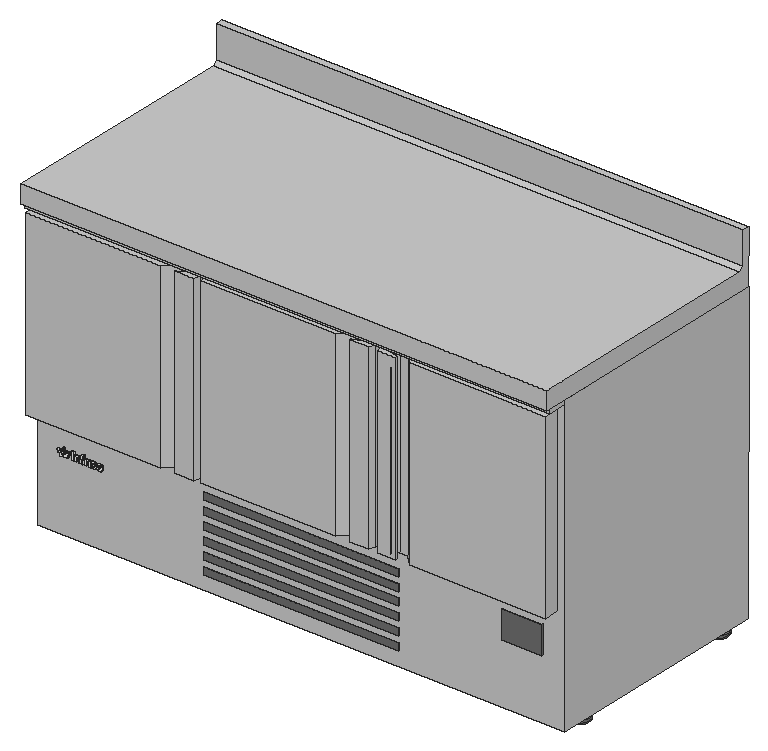
Revit family "QF_INFRICO_ME1003II_250813085203", category Specialty Equipment, Revit 2021
Family settings
  Round Connector Dimension = Use Diameter
  Part Type = Normal
  OmniClass Number = 23.40.40.14
  OmniClass Title = Food Service Equipment
  Work Plane-Based = No
  Always vertical = Yes
  Cut with Voids When Loaded = No
  Shared = No
  Room Calculation Point = No
Parameters (values of type "ME1003II-R290")
  Weight [instance] = 148.00 kg
  Waste Water Discharge Temperature [instance] = 0 °C
  Waste Remarks [instance] = ""
  Warranty Start Date [instance] = ""
  Warranty Duration [instance] = ""
  Volts [instance] = 230 V
  Volt Free Conn [instance] = no
  URL Recommended Spares List [instance] = ""
  URL Manufacturer [instance] = ""
  URL Cutsheet [instance] = ""
  URL Critical Spares List [instance] = ""
  URL = "www.infrico.com"
  Technical Documentation [instance] = ""
  Tag Number [instance] = ""
  Status [instance] = ""
  Start Up Current [instance] = 0 A
  Specification by User [instance] = ""
  Specification by Manufacturer [instance] = ""
  Sound Level [instance] = ""
  Show Logo [instance] = yes
  Show Clearances [instance] = yes
  Service Life Duration [instance] = ""
  Serial Number [instance] = ""
  Seismic Rating [instance] = ""
  SMACNA No [instance] = ""
  Revision Code [instance] = ""
  Revision [instance] = ""
  Production Year [instance] = ""
  Potential Equalisation [instance] = no
  Point Load [instance] = 0
  Plumbing Connection Type [instance] = ""
  Phase [instance] = 1
  Other Equipment Approvals [instance] = ""
  Operational Current [instance] = 0 A
  Number of Poles [instance] = 2
  No Load Power Draw [instance] = no
  NAFEM Spec ID Number [instance] = ""
  Model Warning [instance] = ""
  Model = "ME1003II"
  Min Ckt Ampacity [instance] = 0 A
  Max Overcurrent Protection [instance] = 0 A
  Masterspec [instance] = ""
  Manufacturer = "INFRICO"
  Main switch integrated [instance] = no
  Length Actual [instance] = 1460 mm
  Item Number [instance] = ""
  Installed By [instance] = ""
  Installation Date [instance] = ""
  Indirect Waste Size [instance] = 19.05 mm
  Indirect Waste Remarks [instance] = ""
  Indirect Waste Flow [instance] = 0.0 L/s
  Indirect Waste Connection Type [instance] = ""
  Indirect Waste Connection Height [instance] = 0 mm
  Identify Quantity as Lot [instance] = no
  ID [instance] = ""
  Hygiene Approval [instance] = ""
  Height Actual [instance] = 885 mm
  HP power [instance] = ""
  Furnished By [instance] = ""
  Foodservice Equipment Identifier [instance] = no
  FL Amps [instance] = 0 A
  Electrical Remarks [instance] = ""
  Electric power [instance] = 420 W
  Electric Connection Type [instance] = ""
  Elec Conn RI Height [instance] = 0 mm
  Elec Conn Connection Height [instance] = 0 mm
  ETL Approved [instance] = no
  Direct Waste Water Discharge Temperature [instance] = -273.15 °C
  Direct Waste Size [instance] = 19.05 mm
  Direct Waste RI Height [instance] = 0 mm
  Direct Waste Flow [instance] = 0.0 L/s
  Direct Waste Connection Height [instance] = 0 mm
  Description = "GN1/1 SALAD PREP REFRIGERATOR TABLE 700 SERIES - R290"
  Depth Actual [instance] = 700 mm
  Default Elevation = 0 mm
  Cycle [instance] = 50 Hz
  Cost = 0
  Connection to energy optimisation system [instance] = yes
  Conn Plug [instance] = ""
  Conn Conduit [instance] = no
  Centralized building control system with digital interface [instance] = ""
  CSI MasterFormat [instance] = ""
  CE Approved [instance] = no
  Barcode [instance] = 0
  Author [instance] = ""
  Asset Identifier [instance] = ""
  Apparent Power [instance] = 420 VA
  Accessory [instance] = no
Reference planes
  plane 1 "Center (Front/Back)": y = 0
  plane 2: z = 0
  plane 3 "Center (Left/Right)": x = 0
Forms (mm)
  Extrusion 1, solid, not visible
    sketch origin (487.024, -150.007, 304.015) x (1, 0, 0) y (0, 1, 0)
      loop
        line (-2, 2) -> (-2, -2) -> (2, -2) -> (2, 2) -> (-2, 2)
    from -2 to 2
  Extrusion 2, solid, not visible
    sketch origin (45.002, -152.007, 286.014) x (1, 0, 0) y (0, 1, 0)
      loop
        line (-2, 2) -> (-2, -2) -> (2, -2) -> (2, 2) -> (-2, 2)
    from -2 to 2
Dimensions and locks
  locked: nested 2 to Extrusion 1 at 2  (x2)
  locked: Extrusion 2 to nested 3
  locked: nested 3 to Extrusion 2 at 2
  aligned and locked: level to plane 2
Nested families
  nested 1: "QF_INFRICO_ME1003II_2920" at (0, 0, 0), type "ME1003II-R290"
    with Weight 148.00 kg, Warranty Start Date "", Warranty Duration "", URL Cutsheet "", Technical Documentation "", Tag Number "", Status "", Specification by User "", Specification by Manufacturer "", Sound Level "", Solid Fuel Type "", Show Logo yes, Show Clearances yes, Show Clearance yes, Service Life Duration "", Serial Number "", Seismic Rating "", SMACNA No "", Revision Code "", Revision "", Production Year "", Point Load 0, Other Equipment Approvals "", NAFEM Spec ID Number "", Model Warning "", Masterspec "", Length Actual 1460 mm, Item Number "", Installed By "", Installation Date "", Identify Quantity as Lot yes, ID "", Hygiene Approval "", Height Actual 885 mm, Furnished By "", Foodservice Equipment Identifier yes, ETL Approved yes, Depth Actual 700 mm, CSI MasterFormat "", CE Approved no, Barcode "", Author "", Asset Identifier "", Accessory no
  nested 2: "CONN_POINT_DRAIN_2D___Generic_Annotation" at (487.024, -150.007, 302.015), type "CONN_POINT_DRAIN_2D___Generic_Annotation"
    with Onboard connection annotation symbol visibility yes
  nested 3: "CONN_POINT_ELE_2D___Generic_Annotation" at (45.002, -150.007, 286.014), type "CONN_POINT_ELE_2D___Generic_Annotation"
    with Onboard connection annotation symbol visibility yes
  nested 4: "QF_INFRICO_ME_DOOR_SX_4505" at (10, -638, 324), type "ME_DOOR_SX"
    with Weight 0.00 kg, Warranty Start Date "", Warranty Duration "", URL Cutsheet "", Technical Documentation "", Tag Number "", Status "", Specification by User "", Specification by Manufacturer "", Sound Level "", Solid Fuel Type "", Show Logo yes, Show Clearances yes, Show Clearance yes, Service Life Duration "", Serial Number "", Seismic Rating "", SMACNA No "", Revision Code "", Revision "", Production Year "", Point Load 0, Other Equipment Approvals "", NAFEM Spec ID Number "", Model Warning "", Masterspec "", Length Actual 472 mm, Item Number "", Installed By "", Installation Date "", Identify Quantity as Lot yes, ID "", Hygiene Approval "", Height Actual 502 mm, Furnished By "", Foodservice Equipment Identifier yes, ETL Approved yes, Depth Actual 57 mm, CSI MasterFormat "", CE Approved no, Barcode "", Author "", Asset Identifier "", Accessory yes
  nested 5: "QF_INFRICO_ME_DOOR_SX_5283" at (496, -638, 324), type "ME_DOOR_SX"
    with Weight 0.00 kg, Warranty Start Date "", Warranty Duration "", URL Cutsheet "", Technical Documentation "", Tag Number "", Status "", Specification by User "", Specification by Manufacturer "", Sound Level "", Solid Fuel Type "", Show Logo yes, Show Clearances yes, Show Clearance yes, Service Life Duration "", Serial Number "", Seismic Rating "", SMACNA No "", Revision Code "", Revision "", Production Year "", Point Load 0, Other Equipment Approvals "", NAFEM Spec ID Number "", Model Warning "", Masterspec "", Length Actual 472 mm, Item Number "", Installed By "", Installation Date "", Identify Quantity as Lot yes, ID "", Hygiene Approval "", Height Actual 502 mm, Furnished By "", Foodservice Equipment Identifier yes, ETL Approved yes, Depth Actual 57 mm, CSI MasterFormat "", CE Approved no, Barcode "", Author "", Asset Identifier "", Accessory yes
  nested 6: "QF_INFRICO_ME_DOOR_DX_6057" at (982, -638, 324), type "ME_DOOR_DX"
    with Weight 0.00 kg, Warranty Start Date "", Warranty Duration "", URL Cutsheet "", Technical Documentation "", Tag Number "", Status "", Specification by User "", Specification by Manufacturer "", Sound Level "", Solid Fuel Type "", Show Logo yes, Show Clearances yes, Show Clearance yes, Service Life Duration "", Serial Number "", Seismic Rating "", SMACNA No "", Revision Code "", Revision "", Production Year "", Point Load 0, Other Equipment Approvals "", NAFEM Spec ID Number "", Model Warning "", Masterspec "", Length Actual 472 mm, Item Number "", Installed By "", Installation Date "", Identify Quantity as Lot yes, ID "", Hygiene Approval "", Height Actual 502 mm, Furnished By "", Foodservice Equipment Identifier yes, ETL Approved yes, Depth Actual 57 mm, CSI MasterFormat "", CE Approved no, Barcode "", Author "", Asset Identifier "", Accessory yes
  nested 7: "QF_INFRICO_WORKTOP_BACKSPLASH_6831" at (0, 0, 845), type "ENC12CPME14"
    with Weight 0.00 kg, Warranty Start Date "", Warranty Duration "", URL Cutsheet "", Technical Documentation "", Tag Number "", Status "", Specification by User "", Specification by Manufacturer "", Sound Level "", Solid Fuel Type "", Show Logo yes, Show Clearances yes, Show Clearance yes, Service Life Duration "", Serial Number "", Seismic Rating "", SMACNA No "", Revision Code "", Revision "", Production Year "", Point Load 0, Other Equipment Approvals "", NAFEM Spec ID Number "", Model Warning "", Masterspec "", Length Actual 1460 mm, Item Number "", Installed By "", Installation Date "", Identify Quantity as Lot yes, ID "", Hygiene Approval "", Height Actual 50 mm, Furnished By "", Foodservice Equipment Identifier yes, ETL Approved yes, Depth Actual 700 mm, CSI MasterFormat "", CE Approved no, Barcode "", Author "", Asset Identifier "", Accessory yes
Connectors
  piping at (487.024, -150.007, 302.015), diameter 19.05, driven by "Indirect Waste Size", driven by "Direct Waste Flow"
    settings: on Extrusion 1, index 1, connector inside diameter 609.6 mm, connector length 0 mm, flow factor 0, pipe flow 0.0 L/s, pressure drop 0.0 Pa, fitting loss kfactor 0, connector angle 0.00°, fixture units 0, engagement length 0 mm, angle of deflection 0.00°, flow configuration 1, flow direction 2, fitting loss method 0, system type 16, joint type 0, gender type 0, connector reference index -1, connector utility 0, adjustable connector no, is connector primary yes, connector description "Waste connection for ME1003II"
  electrical at (45.002, -150.007, 286.014), driven by "Apparent Power", driven by "Number of Poles", driven by "Volts"
    settings: on Extrusion 2, index 2, voltage 230 V, apparent load 0 VA, apparent load phase1 420 VA, apparent load phase2 0 VA, apparent load phase3 0 VA, power factor 1, load classification "Other", number of poles 2, system type 31, power factor state 1, is connector primary yes, connector utility no, sub classification motor no, connector description "Electrical connection for ME1003II"
Definition of nested family "QF_INFRICO_ME1003II_2920"
  Parameters (values of type "ME1003II-R290")
    Weight [instance] = 0.00 kg
    Warranty Start Date [instance] = ""
    Warranty Duration [instance] = ""
    URL Cutsheet [instance] = ""
    URL = "www.infrico.com"
    Technical Documentation [instance] = ""
    Tag Number [instance] = ""
    Status [instance] = ""
    Specification by User [instance] = ""
    Specification by Manufacturer [instance] = ""
    Sound Level [instance] = ""
    Solid Fuel Type [instance] = ""
    Show Logo [instance] = yes
    Show Clearances [instance] = yes
    Show Clearance [instance] = yes
    Service Life Duration [instance] = ""
    Serial Number [instance] = ""
    Seismic Rating [instance] = ""
    SMACNA No [instance] = ""
    Revision Code [instance] = ""
    Revision [instance] = ""
    Production Year [instance] = ""
    Point Load [instance] = 0
    Other Equipment Approvals [instance] = ""
    NAFEM Spec ID Number [instance] = ""
    Model Warning [instance] = ""
    Model = "ME1003II"
    Masterspec [instance] = ""
    Manufacturer = "INFRICO"
    Length Actual [instance] = 0 mm
    Item Number [instance] = ""
    Installed By [instance] = ""
    Installation Date [instance] = ""
    Identify Quantity as Lot [instance] = yes
    ID [instance] = ""
    Hygiene Approval [instance] = ""
    Height Actual [instance] = 0 mm
    Furnished By [instance] = ""
    Foodservice Equipment Identifier [instance] = yes
    ETL Approved [instance] = yes
    Description = "GN1/1 SALAD PREP REFRIGERATOR TABLE 700 SERIES - R290"
    Depth Actual [instance] = 0 mm
    Default Elevation = 0 mm
    CSI MasterFormat [instance] = ""
    CE Approved [instance] = yes
    Barcode [instance] = ""
    Author [instance] = ""
    Asset Identifier [instance] = ""
    Assembly Code = "E1090320"
    Accessory [instance] = yes
  Types (2, lengths in mm): name | Description
    ME1003II | "GN1/1 SALAD PREP REFRIGERATOR TABLE 700 SERIES - R134A"
    ME1003II-R290 | "GN1/1 SALAD PREP REFRIGERATOR TABLE 700 SERIES - R290"
  Reference planes
    plane 1 "Back": y = 0
    plane 2: z = 0
    plane 3 "Left": x = 0
    plane 4 "Right": x = 1460
    plane 5 "Front": y = -700
    plane 6 "Top": z = 845.01
  Forms (mm)
    Revolve 1, solid
      sketch origin (29, 0.51, 0) x (0, 1, 0) y (0, 0, 1)
        loop
          line (-65.51, 20.01) -> (-65.51, 0) -> (-45.51, 0)
          arc (-45.51, 0) -> (-41.974, 1.464) -> (-40.51, 5) r 5
          line (-40.51, 5) -> (-40.51, 10) -> (-50.51, 10) -> (-50.51, 15) -> (-60.51, 15) -> (-60.51, 20.01) -> (-65.51, 20.01)
        axis (-65.51, 20.01) -> (-65.51, 0)
      angle from 0 to 360
    Revolve 2, solid
      sketch origin (29, -479.49, 0) x (0, 1, 0) y (0, 0, 1)
        loop
          line (-65.51, 20.01) -> (-65.51, 0) -> (-45.51, 0)
          arc (-45.51, 0) -> (-41.974, 1.464) -> (-40.51, 5) r 5
          line (-40.51, 5) -> (-40.51, 10) -> (-50.51, 10) -> (-50.51, 15) -> (-60.51, 15) -> (-60.51, 20.01) -> (-65.51, 20.01)
        axis (-65.51, 20.01) -> (-65.51, 0)
      angle from 0 to 360
    Revolve 3, solid
      sketch origin (1431, 0.51, 0) x (0, 1, 0) y (0, 0, 1)
        loop
          line (-65.51, 20.01) -> (-65.51, 0) -> (-45.51, 0)
          arc (-45.51, 0) -> (-41.974, 1.464) -> (-40.51, 5) r 5
          line (-40.51, 5) -> (-40.51, 10) -> (-50.51, 10) -> (-50.51, 15) -> (-60.51, 15) -> (-60.51, 20.01) -> (-65.51, 20.01)
        axis (-65.51, 20.01) -> (-65.51, 0)
      angle from 0 to 360
    Revolve 4, solid
      sketch origin (1431, -479.49, 0) x (0, 1, 0) y (0, 0, 1)
        loop
          line (-65.51, 20.01) -> (-65.51, 0) -> (-45.51, 0)
          arc (-45.51, 0) -> (-41.974, 1.464) -> (-40.51, 5) r 5
          line (-40.51, 5) -> (-40.51, 10) -> (-50.51, 10) -> (-50.51, 15) -> (-60.51, 15) -> (-60.51, 20.01) -> (-65.51, 20.01)
        axis (-65.51, 20.01) -> (-65.51, 0)
      angle from 0 to 360
    Extrusion 5, solid
      sketch origin (-1759, -636.1, 1) x (1, 0, 0) y (0, 0, 1)
        loop
          line (2220, 263.01) -> (2220, 243.01) -> (2760, 243.01) -> (2760, 263.01) -> (2220, 263.01)
      from 0 to 2
    Extrusion 6, solid
      sketch origin (-1759, -636.1, -36) x (1, 0, 0) y (0, 0, 1)
        loop
          line (2220, 263.01) -> (2220, 243.01) -> (2760, 243.01) -> (2760, 263.01) -> (2220, 263.01)
      from 0 to 2
    Extrusion 7, solid
      sketch origin (-1759, -636.1, -73) x (1, 0, 0) y (0, 0, 1)
        loop
          line (2220, 263.01) -> (2220, 243.01) -> (2760, 243.01) -> (2760, 263.01) -> (2220, 263.01)
      from 0 to 2
    Extrusion 8, solid
      sketch origin (-1759, -636.1, -110) x (1, 0, 0) y (0, 0, 1)
        loop
          line (2220, 263.01) -> (2220, 243.01) -> (2760, 243.01) -> (2760, 263.01) -> (2220, 263.01)
      from 0 to 2
    Extrusion 9, solid
      sketch origin (-1759, -636.1, -147) x (1, 0, 0) y (0, 0, 1)
        loop
          line (2220, 263.01) -> (2220, 243.01) -> (2760, 243.01) -> (2760, 263.01) -> (2220, 263.01)
      from 0 to 2
    Extrusion 10, solid
      sketch origin (-1759, -636.1, -184) x (1, 0, 0) y (0, 0, 1)
        loop
          line (2220, 263.01) -> (2220, 243.01) -> (2760, 243.01) -> (2760, 263.01) -> (2220, 263.01)
      from 0 to 2
    Extrusion 11, solid
      sketch origin (-1518, -638, 1) x (1, 0, 0) y (0, 0, 1)
        loop
          line (2917.81, 187.81) -> (2917.81, 264.21) -> (2806.21, 264.21) -> (2806.21, 187.81) -> (2917.81, 187.81)
      from 0 to 2
    Extrusion 12, solid
      sketch origin (-2000, -1999.98, 1.1) x (0, 1, 0) y (0, 0, 1)
        loop
          line (1312.96, 842.41) -> (1312.96, 829.41) -> (1361.98, 829.41) -> (1361.98, 842.41) -> (1312.96, 842.41)
      from 2002 to 3458
    Extrusion 13, solid
      sketch origin (0, -140, 0) x (1, 0, 0) y (0, 0, 1)
        loop
          circle (45, 286) r 12.7
      from 0 to 10
    Extrusion 14, solid
      sketch origin (0, -140, 0) x (1, 0, 0) y (0, 0, 1)
        loop
          circle (487, 302) r 9.525
      from 0 to 10
    Extrusion 15, solid
      sketch origin (0, 0, 1) x (0, 1, 0) y (0, 0, 1)
        loop
          line (-638, 19.01) -> (0, 19.01) -> (0, 844.01) -> (-638, 844.01) -> (-638, 19.01)
      from 0 to 30
    Extrusion 16, solid
      sketch origin (1460, 0, 1) x (0, 1, 0) y (0, 0, -1)
        loop
          line (-638, -19.01) -> (-638, -844.01) -> (0, -844.01) -> (0, -19.01) -> (-638, -19.01)
      from 0 to 30
    Extrusion 17, solid
      sketch origin (0, 0, 1) x (0, 1, 0) y (0, 0, 1)
        loop
          line (0, 844.01) -> (-30, 844.01) -> (-30, 349.01) -> (-180, 349.01) -> (-180, 49.01) -> (-608, 49.01) -> (-608, 19.01) -> (0, 19.01) -> (0, 49.01) -> (-150, 49.01) -> (-150, 319) -> (0, 319) -> (0, 844.01)
      from 30 to 1430
    Extrusion 18, solid
      sketch origin (0, 0, 1) x (0, 1, 0) y (0, 0, 1)
        loop
          line (-638, 844.01) -> (-638, 19.01) -> (-608, 19.01) -> (-608, 844.01) -> (-638, 844.01)
      from 30 to 1430
    Extrusion 19, void
      sketch origin (0, 0, -10) x (1, 0, 0) y (0, 0, 1)
        loop
          line (65, 390) -> (1395, 390) -> (1395, 790) -> (65, 790) -> (65, 390)
      from 608 to 638.1
    Extrusion 20, solid
      sketch origin (0, 0, -10) x (1, 0, 0) y (0, 0, 1)
        loop
          line (544, 390) -> (544, 790) -> (434, 790) -> (434, 390) -> (544, 390)
      from 628 to 638
    Extrusion 21, solid, visible <- "Show Logo"
      sketch origin (-1108.19, -638, -480.543) x (1, 0, 0) y (0, 0, 1)
        loop
          line (1208.799, 696.53) -> (1208.799, 719.204) -> (1204.173, 719.204) -> (1204.173, 696.53) -> (1208.799, 696.53)
        loop
          line (1214.779, 713.006) -> (1211.283, 713.006) -> (1211.283, 696.53) -> (1215.772, 696.53) -> (1215.772, 707.832)
          arc (1215.772, 707.832) -> (1217.528, 708.741) -> (1219.417, 709.324) r 11.052
          arc (1219.417, 709.324) -> (1220.929, 708.961) -> (1221.598, 707.557) r 1.806
          line (1221.598, 707.557) -> (1221.598, 696.53) -> (1226.121, 696.53) -> (1226.121, 708.689)
          arc (1226.121, 708.689) -> (1224.637, 712.075) -> (1221.141, 713.281) r 4.607
          arc (1221.141, 713.281) -> (1218.282, 712.674) -> (1215.669, 711.361) r 11.435
          line (1215.669, 711.361) -> (1215.601, 712.184)
          arc (1215.601, 712.184) -> (1215.36, 712.765) -> (1214.779, 713.006) r 0.822
        loop
          line (1238.557, 720.102) -> (1237.306, 720.102)
          arc (1237.306, 720.102) -> (1235.052, 719.926) -> (1232.881, 719.297) r 11.103
          arc (1232.881, 719.297) -> (1230.805, 717.616) -> (1230.024, 715.062) r 4.567
          line (1230.024, 715.062) -> (1230.024, 712.909) -> (1227.351, 712.703) -> (1227.351, 709.374) -> (1230.024, 709.374) -> (1230.024, 696.53) -> (1234.547, 696.53) -> (1234.547, 709.374) -> (1238.249, 709.374) -> (1238.249, 712.938) -> (1234.547, 712.938) -> (1234.547, 714.548)
          arc (1234.547, 714.548) -> (1234.956, 715.705) -> (1236.045, 716.271) r 1.67
          line (1236.045, 716.271) -> (1237.7, 716.399)
          arc (1237.7, 716.399) -> (1238.306, 716.65) -> (1238.557, 717.255) r 0.857
          line (1238.557, 717.255) -> (1238.557, 720.102)
        loop
          line (1239.479, 713.006) -> (1239.479, 696.53) -> (1243.968, 696.53) -> (1243.968, 707.352)
          arc (1243.968, 707.352) -> (1245.873, 708.631) -> (1248.077, 709.268) r 7.435
          line (1248.077, 709.268) -> (1249.241, 709.416)
          arc (1249.241, 709.416) -> (1249.643, 709.758) -> (1249.793, 710.265) r 0.928
          line (1249.793, 710.265) -> (1249.793, 712.458)
          arc (1249.793, 712.458) -> (1249.531, 713.061) -> (1248.912, 713.28) r 0.824
          arc (1248.912, 713.28) -> (1246.197, 712.588) -> (1243.899, 710.984) r 7.833
          line (1243.899, 710.984) -> (1243.726, 713.006) -> (1239.479, 713.006)
        loop
          line (1255.495, 696.53) -> (1255.495, 713.006) -> (1251.006, 713.006) -> (1251.006, 696.53) -> (1255.495, 696.53)
        loop
          arc (1257.421, 701.327) -> (1258.567, 698.188) -> (1261.466, 696.525) r 4.873
          arc (1261.466, 696.525) -> (1264.493, 696.266) -> (1267.521, 696.525) r 17.816
          arc (1267.521, 696.525) -> (1270.575, 699.134) -> (1271.505, 703.041) r 6.481
          line (1271.505, 703.041) -> (1267.187, 703.041) -> (1267.187, 701.67)
          arc (1267.187, 701.67) -> (1266.64, 700.452) -> (1265.442, 699.865) r 1.965
          arc (1265.442, 699.865) -> (1264.547, 699.816) -> (1263.653, 699.865) r 8.196
          arc (1263.653, 699.865) -> (1262.417, 700.415) -> (1261.91, 701.67) r 1.806
          line (1261.91, 701.67) -> (1261.91, 707.9)
          arc (1261.91, 707.9) -> (1262.417, 709.155) -> (1263.653, 709.705) r 1.806
          arc (1263.653, 709.705) -> (1264.547, 709.754) -> (1265.442, 709.705) r 8.196
          arc (1265.442, 709.705) -> (1266.64, 709.118) -> (1267.187, 707.9) r 1.965
          line (1267.187, 707.9) -> (1267.187, 706.838) -> (1271.505, 706.838)
          arc (1271.505, 706.838) -> (1270.524, 710.556) -> (1267.521, 712.959) r 6.132
          arc (1267.521, 712.959) -> (1264.493, 713.294) -> (1261.466, 712.959) r 13.851
          arc (1261.466, 712.959) -> (1258.571, 711.349) -> (1257.421, 708.243) r 4.772
          line (1257.421, 708.243) -> (1257.421, 701.327)
        loop
          arc (1272.916, 701.329) -> (1273.993, 698.345) -> (1276.726, 696.734) r 4.676
          arc (1276.726, 696.734) -> (1278.515, 696.455) -> (1280.318, 696.291) r 28.371
          arc (1280.318, 696.291) -> (1282.122, 696.455) -> (1283.911, 696.734) r 28.371
          arc (1283.911, 696.734) -> (1286.644, 698.345) -> (1287.72, 701.329) r 4.676
          line (1287.72, 701.329) -> (1287.72, 708.242)
          arc (1287.72, 708.242) -> (1286.644, 711.226) -> (1283.911, 712.837) r 4.676
          arc (1283.911, 712.837) -> (1282.122, 713.116) -> (1280.318, 713.28) r 28.371
          arc (1280.318, 713.28) -> (1278.515, 713.116) -> (1276.726, 712.837) r 28.371
          arc (1276.726, 712.837) -> (1273.993, 711.226) -> (1272.916, 708.242) r 4.676
          line (1272.916, 708.242) -> (1272.916, 701.329)
        loop
          line (1277.405, 707.866) -> (1277.405, 701.705)
          arc (1277.405, 701.705) -> (1277.844, 700.556) -> (1278.936, 699.991) r 1.725
          arc (1278.936, 699.991) -> (1279.627, 699.918) -> (1280.318, 699.856) r 46.133
          arc (1280.318, 699.856) -> (1281.01, 699.918) -> (1281.701, 699.991) r 46.133
          arc (1281.701, 699.991) -> (1282.793, 700.556) -> (1283.231, 701.705) r 1.725
          line (1283.231, 701.705) -> (1283.231, 707.866)
          arc (1283.231, 707.866) -> (1282.793, 709.015) -> (1281.701, 709.58) r 1.725
          arc (1281.701, 709.58) -> (1281.01, 709.653) -> (1280.318, 709.716) r 46.133
          arc (1280.318, 709.716) -> (1279.627, 709.653) -> (1278.936, 709.58) r 46.133
          arc (1278.936, 709.58) -> (1277.844, 709.015) -> (1277.405, 707.866) r 1.725
        loop
          arc (1190.339, 696.543) -> (1191.411, 696.987) -> (1191.856, 698.059) r 1.516
          line (1191.856, 698.059) -> (1191.856, 703.891) -> (1196.035, 703.891)
          arc (1196.035, 703.891) -> (1196.79, 704.121) -> (1197.218, 704.782) r 1.147
          line (1197.218, 704.782) -> (1197.218, 706.211)
          arc (1197.218, 706.211) -> (1196.787, 707.258) -> (1195.719, 707.634) r 1.385
          line (1195.719, 707.634) -> (1194.52, 707.634) -> (1197.218, 710.332)
          arc (1197.218, 710.332) -> (1197.605, 711.266) -> (1197.218, 712.2) r 1.321
          line (1197.218, 712.2) -> (1196.495, 712.923)
          arc (1196.495, 712.923) -> (1195.54, 713.338) -> (1194.558, 712.991) r 1.422
          line (1194.558, 712.991) -> (1191.853, 710.286) -> (1191.853, 711.479)
          arc (1191.853, 711.479) -> (1191.443, 712.516) -> (1190.435, 712.992) r 1.516
          line (1190.435, 712.992) -> (1189.514, 712.992)
          arc (1189.514, 712.992) -> (1188.511, 712.514) -> (1188.103, 711.479) r 1.516
          line (1188.103, 711.479) -> (1188.103, 706.83) -> (1182.073, 701.336) -> (1182.073, 707.509) -> (1185.639, 711.075)
          arc (1185.639, 711.075) -> (1186.053, 712.073) -> (1185.639, 713.071) r 1.412
          line (1185.639, 713.071) -> (1184.987, 713.723)
          arc (1184.987, 713.723) -> (1183.939, 714.141) -> (1182.915, 713.667) r 1.428
          line (1182.915, 713.667) -> (1182.073, 712.825) -> (1182.073, 717.784)
          arc (1182.073, 717.784) -> (1181.658, 718.787) -> (1180.655, 719.203) r 1.418
          line (1180.655, 719.203) -> (1179.726, 719.203)
          arc (1179.726, 719.203) -> (1178.723, 718.787) -> (1178.308, 717.784) r 1.418
          line (1178.308, 717.784) -> (1178.308, 712.825) -> (1177.466, 713.667)
          arc (1177.466, 713.667) -> (1176.442, 714.141) -> (1175.394, 713.723) r 1.428
          line (1175.394, 713.723) -> (1174.742, 713.071)
          arc (1174.742, 713.071) -> (1174.328, 712.073) -> (1174.742, 711.075) r 1.412
          line (1174.742, 711.075) -> (1178.308, 707.509) -> (1178.308, 701.336) -> (1172.278, 706.83) -> (1172.278, 711.479)
          arc (1172.278, 711.479) -> (1171.87, 712.514) -> (1170.867, 712.992) r 1.516
          line (1170.867, 712.992) -> (1169.946, 712.992)
          arc (1169.946, 712.992) -> (1168.938, 712.516) -> (1168.528, 711.479) r 1.516
          line (1168.528, 711.479) -> (1168.528, 710.286) -> (1165.823, 712.991)
          arc (1165.823, 712.991) -> (1164.841, 713.338) -> (1163.886, 712.923) r 1.422
          line (1163.886, 712.923) -> (1163.163, 712.2)
          arc (1163.163, 712.2) -> (1162.776, 711.266) -> (1163.163, 710.332) r 1.321
          line (1163.163, 710.332) -> (1165.861, 707.634) -> (1164.662, 707.634)
          arc (1164.662, 707.634) -> (1163.594, 707.258) -> (1163.163, 706.211) r 1.385
          line (1163.163, 706.211) -> (1163.163, 704.782)
          arc (1163.163, 704.782) -> (1163.591, 704.121) -> (1164.346, 703.891) r 1.147
          line (1164.346, 703.891) -> (1168.525, 703.891) -> (1168.525, 698.059)
          arc (1168.525, 698.059) -> (1168.969, 696.987) -> (1170.042, 696.543) r 1.516
          line (1170.042, 696.543) -> (1190.339, 696.543)
      from 0 to 2
    Extrusion 22, solid
      sketch origin (482, 0, -10) x (1, 0, 0) y (0, 0, 1)
        loop
          line (544, 390) -> (544, 790) -> (434, 790) -> (434, 390) -> (544, 390)
      from 628 to 638
  Cuts and joins
    Extrusion 19 cuts Extrusion 18
    joined: Extrusion 15, Extrusion 16, Extrusion 17, Extrusion 18
  Lines and regions (mm)
    symbolic lines
      curve 1: line (1460, 0, 0) -> (0, 0, 0)
      curve 2: line (1460, -700, 0) -> (1460, 0, 0)
      curve 3: line (0, 0, 0) -> (0, -700, 0)
      curve 4: line (0, -700, 0) -> (1460, -700, 0)
  Dimensions and locks
    plane 1 "Back" to plane 5 "Front" = 700 mm  (x2)
    plane 6 "Top" to level = 845.01 mm  (x2)
    plane 4 "Right" to plane 3 "Left" = 1460 mm
    plane 3 "Left" to plane 4 "Right" = 1460 mm
    aligned and locked: level to plane 2
  Connectors
    electrical at (45, -140, 286)
      settings: on Extrusion 13, index 1, voltage 0 V, apparent load 0 VA, apparent load phase1 0 VA, apparent load phase2 0 VA, apparent load phase3 0 VA, power factor 1, load classification none, number of poles 1, system type 31, power factor state 1, is connector primary yes, connector utility no, sub classification motor no, connector description "Electrical connection"
    piping at (487, -140, 302), diameter 19.1
      settings: on Extrusion 14, index 2, connector inside diameter 609.6 mm, connector length 0 mm, flow factor 0, pipe flow 0.0 L/s, pressure drop 0.0 Pa, fitting loss kfactor 0, connector angle 0.00°, fixture units 0, engagement length 0 mm, angle of deflection 0.00°, flow configuration 1, flow direction 1, fitting loss method 0, system type 16, joint type 0, gender type 0, connector reference index -1, connector utility 0, adjustable connector no, is connector primary yes, connector description "Drain connection"
Definition of nested family "QF_INFRICO_ME_DOOR_SX_4505"
  Parameters (values of type "ME_DOOR_SX")
    Weight [instance] = 0.00 kg
    Warranty Start Date [instance] = ""
    Warranty Duration [instance] = ""
    URL Cutsheet [instance] = ""
    URL = "www.infrico.com"
    Technical Documentation [instance] = ""
    Tag Number [instance] = ""
    Status [instance] = ""
    Specification by User [instance] = ""
    Specification by Manufacturer [instance] = ""
    Sound Level [instance] = ""
    Solid Fuel Type [instance] = ""
    Show Logo [instance] = yes
    Show Clearances [instance] = yes
    Show Clearance [instance] = yes
    Service Life Duration [instance] = ""
    Serial Number [instance] = ""
    Seismic Rating [instance] = ""
    SMACNA No [instance] = ""
    Revision Code [instance] = ""
    Revision [instance] = ""
    Production Year [instance] = ""
    Point Load [instance] = 0
    Other Equipment Approvals [instance] = ""
    NAFEM Spec ID Number [instance] = ""
    Model Warning [instance] = ""
    Model = "ME_DOOR_SX"
    Masterspec [instance] = ""
    Manufacturer = "INFRICO"
    Length Actual [instance] = 0 mm
    Item Number [instance] = ""
    Installed By [instance] = ""
    Installation Date [instance] = ""
    Identify Quantity as Lot [instance] = yes
    ID [instance] = ""
    Hygiene Approval [instance] = ""
    Height Actual [instance] = 0 mm
    Furnished By [instance] = ""
    Foodservice Equipment Identifier [instance] = yes
    ETL Approved [instance] = yes
    Description = "LEFT DOOR"
    Depth Actual [instance] = 0 mm
    Default Elevation = 0 mm
    CSI MasterFormat [instance] = ""
    CE Approved [instance] = yes
    Barcode [instance] = ""
    Author [instance] = ""
    Asset Identifier [instance] = ""
    Assembly Code = "E1090320"
    Accessory [instance] = yes
  Reference planes
    plane 1 "Back": y = 0
    plane 2: z = 0
    plane 3 "Left": x = 0
    plane 4 "Right": x = 472
    plane 5 "Front": y = -57
    plane 6 "Top": z = 502
  Forms (mm)
    Extrusion 1, solid
      sketch origin (2981.326, 637.02, -168.61) x (-1, 0, 0) y (0, -1, 0)
        loop
          line (2605.426, 694.02) -> (2575.356, 663.95) -> (2552.604, 663.95) -> (2541.663, 666.881)
          arc (2541.663, 666.881) -> (2540.582, 667.631) -> (2540.222, 668.896) r 1.95
          line (2540.222, 668.896) -> (2540.566, 678.741)
          arc (2540.566, 678.741) -> (2540.774, 679.563) -> (2541.304, 680.224) r 2.001
          line (2541.304, 680.224) -> (2566.566, 690.947) -> (2566.566, 694.02) -> (2514.259, 694.02) -> (2509.326, 675.612) -> (2509.326, 654.02) -> (2981.326, 654.02) -> (2981.326, 694.02) -> (2605.426, 694.02)
      from 168.61 to 670.61
    Extrusion 2, solid
      sketch origin (0, 0, 0) x (1, 0, 0) y (0, 0, 1)
        loop
          line (457, 487) -> (15, 487) -> (15, 15) -> (457, 15) -> (457, 487)
        loop
          line (45, 457) -> (45, 45) -> (427, 45) -> (427, 457) -> (45, 457)
      from 0 to 17
    Extrusion 3, solid, detail levels coarse
      sketch origin (0, 0, 0) x (1, 0, 0) y (0, 1, 0)
        loop
          line (472, -57) -> (0, -57) -> (0, -472) -> (57, -472)
          arc (57, -472) -> (350.449, -350.449) -> (472, -57) r 415
      from 0 to 502
  Lines and regions (mm)
    symbolic lines
      curve 1: line (0, -62, 0) -> (0, -472, 0)
      curve 2: line (0, -472, 0) -> (57, -472, 0)
      curve 3: arc (57, -472, 0) -> (348.676, -352.212, 0) -> (471.97, -62, 0) r 415
  Dimensions and locks
    plane 4 "Right" to plane 3 "Left" = 472 mm
    plane 6 "Top" to level = 502 mm  (x2)
    plane 1 "Back" to plane 5 "Front" = 57 mm  (x2)
    plane 3 "Left" to plane 4 "Right" = 472 mm
    aligned and locked: level to plane 2
Definition of nested family "QF_INFRICO_ME_DOOR_SX_5283"
  Parameters (values of type "ME_DOOR_SX")
    Weight [instance] = 0.00 kg
    Warranty Start Date [instance] = ""
    Warranty Duration [instance] = ""
    URL Cutsheet [instance] = ""
    URL = "www.infrico.com"
    Technical Documentation [instance] = ""
    Tag Number [instance] = ""
    Status [instance] = ""
    Specification by User [instance] = ""
    Specification by Manufacturer [instance] = ""
    Sound Level [instance] = ""
    Solid Fuel Type [instance] = ""
    Show Logo [instance] = yes
    Show Clearances [instance] = yes
    Show Clearance [instance] = yes
    Service Life Duration [instance] = ""
    Serial Number [instance] = ""
    Seismic Rating [instance] = ""
    SMACNA No [instance] = ""
    Revision Code [instance] = ""
    Revision [instance] = ""
    Production Year [instance] = ""
    Point Load [instance] = 0
    Other Equipment Approvals [instance] = ""
    NAFEM Spec ID Number [instance] = ""
    Model Warning [instance] = ""
    Model = "ME_DOOR_SX"
    Masterspec [instance] = ""
    Manufacturer = "INFRICO"
    Length Actual [instance] = 0 mm
    Item Number [instance] = ""
    Installed By [instance] = ""
    Installation Date [instance] = ""
    Identify Quantity as Lot [instance] = yes
    ID [instance] = ""
    Hygiene Approval [instance] = ""
    Height Actual [instance] = 0 mm
    Furnished By [instance] = ""
    Foodservice Equipment Identifier [instance] = yes
    ETL Approved [instance] = yes
    Description = "LEFT DOOR"
    Depth Actual [instance] = 0 mm
    Default Elevation = 0 mm
    CSI MasterFormat [instance] = ""
    CE Approved [instance] = yes
    Barcode [instance] = ""
    Author [instance] = ""
    Asset Identifier [instance] = ""
    Assembly Code = "E1090320"
    Accessory [instance] = yes
  Reference planes
    plane 1 "Back": y = 0
    plane 2: z = 0
    plane 3 "Left": x = 0
    plane 4 "Right": x = 472
    plane 5 "Front": y = -57
    plane 6 "Top": z = 502
  Forms (mm)
    Extrusion 1, solid
      sketch origin (2981.326, 637.02, -168.61) x (-1, 0, 0) y (0, -1, 0)
        loop
          line (2605.426, 694.02) -> (2575.356, 663.95) -> (2552.604, 663.95) -> (2541.663, 666.881)
          arc (2541.663, 666.881) -> (2540.582, 667.631) -> (2540.222, 668.896) r 1.95
          line (2540.222, 668.896) -> (2540.566, 678.741)
          arc (2540.566, 678.741) -> (2540.774, 679.563) -> (2541.304, 680.224) r 2.001
          line (2541.304, 680.224) -> (2566.566, 690.947) -> (2566.566, 694.02) -> (2514.259, 694.02) -> (2509.326, 675.612) -> (2509.326, 654.02) -> (2981.326, 654.02) -> (2981.326, 694.02) -> (2605.426, 694.02)
      from 168.61 to 670.61
    Extrusion 2, solid
      sketch origin (0, 0, 0) x (1, 0, 0) y (0, 0, 1)
        loop
          line (457, 487) -> (15, 487) -> (15, 15) -> (457, 15) -> (457, 487)
        loop
          line (45, 457) -> (45, 45) -> (427, 45) -> (427, 457) -> (45, 457)
      from 0 to 17
    Extrusion 3, solid, detail levels coarse
      sketch origin (0, 0, 0) x (1, 0, 0) y (0, 1, 0)
        loop
          line (472, -57) -> (0, -57) -> (0, -472) -> (57, -472)
          arc (57, -472) -> (350.449, -350.449) -> (472, -57) r 415
      from 0 to 502
  Lines and regions (mm)
    symbolic lines
      curve 1: line (0, -62, 0) -> (0, -472, 0)
      curve 2: line (0, -472, 0) -> (57, -472, 0)
      curve 3: arc (57, -472, 0) -> (348.676, -352.212, 0) -> (471.97, -62, 0) r 415
  Dimensions and locks
    plane 4 "Right" to plane 3 "Left" = 472 mm
    plane 6 "Top" to level = 502 mm  (x2)
    plane 1 "Back" to plane 5 "Front" = 57 mm  (x2)
    plane 3 "Left" to plane 4 "Right" = 472 mm
    aligned and locked: level to plane 2
Definition of nested family "QF_INFRICO_ME_DOOR_DX_6057"
  Parameters (values of type "ME_DOOR_DX")
    Weight [instance] = 0.00 kg
    Warranty Start Date [instance] = ""
    Warranty Duration [instance] = ""
    URL Cutsheet [instance] = ""
    URL = "www.infrico.com"
    Technical Documentation [instance] = ""
    Tag Number [instance] = ""
    Status [instance] = ""
    Specification by User [instance] = ""
    Specification by Manufacturer [instance] = ""
    Sound Level [instance] = ""
    Solid Fuel Type [instance] = ""
    Show Logo [instance] = yes
    Show Clearances [instance] = yes
    Show Clearance [instance] = yes
    Service Life Duration [instance] = ""
    Serial Number [instance] = ""
    Seismic Rating [instance] = ""
    SMACNA No [instance] = ""
    Revision Code [instance] = ""
    Revision [instance] = ""
    Production Year [instance] = ""
    Point Load [instance] = 0
    Other Equipment Approvals [instance] = ""
    NAFEM Spec ID Number [instance] = ""
    Model Warning [instance] = ""
    Model = "ME_DOOR_DX"
    Masterspec [instance] = ""
    Manufacturer = "INFRICO"
    Length Actual [instance] = 0 mm
    Item Number [instance] = ""
    Installed By [instance] = ""
    Installation Date [instance] = ""
    Identify Quantity as Lot [instance] = yes
    ID [instance] = ""
    Hygiene Approval [instance] = ""
    Height Actual [instance] = 0 mm
    Furnished By [instance] = ""
    Foodservice Equipment Identifier [instance] = yes
    ETL Approved [instance] = yes
    Description = "RIGHT DOOR"
    Depth Actual [instance] = 0 mm
    Default Elevation = 0 mm
    CSI MasterFormat [instance] = ""
    CE Approved [instance] = yes
    Barcode [instance] = ""
    Author [instance] = ""
    Asset Identifier [instance] = ""
    Assembly Code = "E1090320"
    Accessory [instance] = yes
  Reference planes
    plane 1 "Back": y = 0
    plane 2: z = 0
    plane 3 "Left": x = 0
    plane 4 "Right": x = 472
    plane 5 "Front": y = -57
    plane 6 "Top": z = 502
  Forms (mm)
    Extrusion 1, solid
      sketch origin (-2509.326, 637.02, -168.61) x (1, 0, 0) y (0, 1, 0)
        loop
          line (2605.426, -694.02) -> (2981.326, -694.02) -> (2981.326, -654.02) -> (2509.326, -654.02) -> (2509.326, -675.612) -> (2514.259, -694.02) -> (2566.566, -694.02) -> (2566.566, -690.947) -> (2541.304, -680.224)
          arc (2541.304, -680.224) -> (2540.774, -679.563) -> (2540.566, -678.741) r 2.001
          line (2540.566, -678.741) -> (2540.222, -668.896)
          arc (2540.222, -668.896) -> (2540.582, -667.631) -> (2541.663, -666.881) r 1.95
          line (2541.663, -666.881) -> (2552.604, -663.95) -> (2575.356, -663.95) -> (2605.426, -694.02)
      from 168.61 to 670.61
    Extrusion 2, solid
      sketch origin (472, 0, 0) x (-1, 0, 0) y (0, 0, -1)
        loop
          line (457, -487) -> (457, -15) -> (15, -15) -> (15, -487) -> (457, -487)
        loop
          line (45, -457) -> (427, -457) -> (427, -45) -> (45, -45) -> (45, -457)
      from 0 to 17
    Extrusion 3, solid, detail levels coarse
      sketch origin (472, 0, 0) x (-1, 0, 0) y (0, -1, 0)
        loop
          arc (472, 57) -> (350.449, 350.449) -> (57, 472) r 415
          line (57, 472) -> (0, 472) -> (0, 57) -> (472, 57)
      from 0 to 502
  Lines and regions (mm)
    symbolic lines
      curve 1: line (472, -62, 0) -> (472, -472, 0)
      curve 2: line (472, -472, 0) -> (415, -472, 0)
      curve 3: arc (415, -472, 0) -> (123.324, -352.212, 0) -> (0.03, -62, 0) r 415
  Dimensions and locks
    plane 4 "Right" to plane 3 "Left" = 472 mm
    plane 6 "Top" to level = 502 mm  (x2)
    plane 1 "Back" to plane 5 "Front" = 57 mm  (x2)
    plane 3 "Left" to plane 4 "Right" = 472 mm
    aligned and locked: level to plane 2
Definition of nested family "QF_INFRICO_WORKTOP_BACKSPLASH_6831"
  Parameters (values of type "ENC12CPMC10")
    Weight [instance] = 0.00 kg
    Warranty Start Date [instance] = ""
    Warranty Duration [instance] = ""
    URL Cutsheet [instance] = ""
    URL = "www.infrico.com"
    Technical Documentation [instance] = ""
    Tag Number [instance] = ""
    Status [instance] = ""
    Specification by User [instance] = ""
    Specification by Manufacturer [instance] = ""
    Sound Level [instance] = ""
    Solid Fuel Type [instance] = ""
    Show Logo [instance] = yes
    Show Clearances [instance] = yes
    Show Clearance [instance] = yes
    Service Life Duration [instance] = ""
    Serial Number [instance] = ""
    Seismic Rating [instance] = ""
    SMACNA No [instance] = ""
    Revision Code [instance] = ""
    Revision [instance] = ""
    Production Year [instance] = ""
    Point Load [instance] = 0
    Other Equipment Approvals [instance] = ""
    NAFEM Spec ID Number [instance] = ""
    Model Warning [instance] = ""
    Model = "ENC12CPGN19"
    Masterspec [instance] = ""
    Manufacturer = "INFRICO"
    Length Actual [instance] = 0 mm
    Length = 1000 mm
    Item Number [instance] = ""
    Installed By [instance] = ""
    Installation Date [instance] = ""
    Identify Quantity as Lot [instance] = yes
    ID [instance] = ""
    Hygiene Approval [instance] = ""
    Height Actual [instance] = 0 mm
    Furnished By [instance] = ""
    Foodservice Equipment Identifier [instance] = yes
    ETL Approved [instance] = yes
    Description = "WORKTOP WITH BACKSPLASH"
    Depth Actual [instance] = 0 mm
    Depth = 600 mm
    Default Elevation = 0 mm
    CSI MasterFormat [instance] = ""
    CE Approved [instance] = yes
    Barcode [instance] = ""
    Author [instance] = ""
    Asset Identifier [instance] = ""
    Assembly Code = "E1090320"
    Accessory [instance] = yes
  Types (30, lengths in mm): name | Model | Length | Description | Depth
    ENC12CPGN19 | "ENC12CPGN19" | 1960 | "WORKTOP WITH BACKSPLASH" | 700
    ENC12CPGN14 | "ENC12CPGN14" | 1468 | "WORKTOP WITH BACKSPLASH" | 700
    ENC12CPGN24 | "ENC12CPGN24" | 2452 | "WORKTOP WITH BACKSPLASH" | 700
    ENC12CPGN14R | "ENC12CPGN14R" | 1160 | "WORKTOP WITH BACKSPLASH" | 700
    ENC12CPGN19R | "ENC12CPGN19R" | 1652 | "WORKTOP WITH BACKSPLASH" | 700
    ENC12CPGN24R | "ENC12CPGN24R" | 2144 | "WORKTOP WITH BACKSPLASH" | 700
    ENC12CPBM20 | "ENC12CPBM20" | 1960 | "WORKTOP WITH BACKSPLASH" | 600
    ENC12CPBM15 | "ENC12CPBM15" | 1468 | "WORKTOP WITH BACKSPLASH" | 600
    ENC12CPBM25 | "ENC12CPBM25" | 2452 | "WORKTOP WITH BACKSPLASH" | 600
    ENC12CPBM15R | "ENC12CPBM15R" | 1160 | "WORKTOP WITH BACKSPLASH" | 600
    ENC12CPBM20R | "ENC12CPBM20R" | 1652 | "WORKTOP WITH BACKSPLASH" | 600
    ENC12CPBM25R | "ENC12CPBM25R" | 2144 | "WORKTOP WITH BACKSPLASH" | 600
    ENC12CPME10 | "ENC12CPME10" | 978 | "WORKTOP WITH BACKSPLASH" | 700
    ENC12CPME14 | "ENC12CPME14" | 1460 | "WORKTOP WITH BACKSPLASH" | 700
    ENC12CPMC8 | "ENC12CPGN19" | 820 | "WORKTOP WITH BACKSPLASH" | 600
    ENC12CPMC10 | "ENC12CPGN19" | 1000 | "WORKTOP WITH BACKSPLASH" | 600
    ENC12CPMC15 | "ENC12CPGN19" | 1468 | "WORKTOP WITH BACKSPLASH" | 600
    BKSP10_30 | "BKSP10_30" | 1000 | "WORKTOP WITH BACKSPLASH 1000_300" | 300
    BKSP15_60 | "BKSP15_60" | 1468 | "WORKTOP WITH BACKSPLASH 1500_600" | 600
    BKSP15_30 | "BKSP15_30" | 1468 | "WORKTOP WITH BACKSPLASH 1500_300" | 300
    BKSP20_30 | "BKSP20_30" | 1960 | "WORKTOP WITH BACKSPLASH 2000_300" | 300
    BKSP20_60 | "BKSP20_60" | 1960 | "WORKTOP WITH BACKSPLASH 2000_600" | 600
    BKSP10_60 | "BKSP10_60" | 1000 | "WORKTOP WITH BACKSPLASH 1000_600" | 600
    BKSP10_70_MT | "BKSP10_70_MT" | 1000 | "WORKTOP WITH BACKSPLASH 1000_700" | 700
    BKSP15_60_MT | "BKSP15_60_MT" | 1500 | "WORKTOP WITH BACKSPLASH 1500_600" | 600
    BKSP15_70_MT | "BKSP15_70_MT" | 1500 | "WORKTOP WITH BACKSPLASH 1500_700" | 700
    BKSP20_60_MT | "BKSP20_60_MT" | 2000 | "WORKTOP WITH BACKSPLASH 2000_600" | 600
    BKSP20_70_MT | "BKSP20_70_MT" | 2000 | "WORKTOP WITH BACKSPLASH 2000_700" | 700
    BKSP25_30 | "BKSP25_30" | 2452 | "WORKTOP WITH BACKSPLASH 2500_300" | 300
    BKSP25_60 | "BKSP25_60" | 2452 | "WORKTOP WITH BACKSPLASH 2500_600" | 600
  Reference planes
    plane 1 "Back": y = 0
    plane 2: z = 0
    plane 3 "Left": x = 0
    plane 4 "Right": x = 1000
    plane 5 "Front": y = -600
    plane 6 "Top": z = 150.03
  Forms (mm)
    Extrusion 1, solid
      sketch origin (0, 0, -660) x (0, 1, 0) y (0, 0, 1)
        loop
          line (0, 660) -> (0, 810.03) -> (-20, 810.03) -> (-20, 720.071) -> (-30.071, 710) -> (-600, 710) -> (-600, 660) -> (0, 660)
      from 0 to 1000
  Lines and regions (mm)
    symbolic lines
      curve 1: line (0, -600, 0) -> (1000, -600, 0)
      curve 2: line (0, 0, 0) -> (0, -600, 0)
      curve 3: line (1000, -600, 0) -> (1000, 0, 0)
      curve 4: line (1000, 0, 0) -> (0, 0, 0)
      curve 5: line (0, -20, 0) -> (1000, -20, 0)
  Dimensions and locks
    plane 6 "Top" to level = 150.03 mm
    plane 4 "Right" to plane 3 "Left" = 1000 mm
    "Length": plane 3 "Left" to plane 4 "Right"
    "Depth": plane 5 "Front" to plane 1 "Back"
    aligned and locked: level to plane 2
    aligned and locked: Extrusion 1 to plane 4 "Right"
  Automatic sketch dimensions
    curve 1 to plane 3 "Left" = 0 mm
    plane 1 "Back" to curve 4 = 0 mm
    curve 4 to plane 4 "Right" = 0 mm
    curve 1 to plane 5 "Front" = 0 mm
    plane 1 "Back" to curve 5 = 20 mm
    Extrusion 1 sketch curve to level = 0 mm
    Extrusion 1 sketch curve to plane 5 "Front" = 0 mm
    Extrusion 1 sketch curve to plane 6 "Top" = 0 mm
    Extrusion 1 sketch curve to plane 1 "Back" = 0 mm
    plane 1 "Back" to Extrusion 1 sketch curve = 30.071 mm
    Extrusion 1 sketch curve to Extrusion 1 sketch curve = 10.071 mm  (x2)
    level to Extrusion 1 sketch curve = 50 mm
Definition of nested family "CONN_POINT_DRAIN_2D___Generic_Annotation"
  Parameters (values of type "CONN_POINT_DRAIN_2D___Generic_Annotation")
    Onboard connection annotation symbol visibility [instance] = yes
  Reference planes
    plane 1: y = 0
    plane 2: x = 0
  Lines and regions (mm)
    detail lines, visible <- "Onboard connection annotation symbol visibility"
      curve 1: circle (0, 0, 0) r 0.5 normal (0, 0, 1)
      curve 2: line (-1, 0, 0) -> (1, 0, 0)
      curve 3: line (0, 1, 0) -> (0, -1, 0)
      curve 4: line (1.776, 1, 0) -> (1.25, 1, 0)
      curve 5: line (1.25, 1, 0) -> (1.25, -1, 0)
      curve 6: line (1.25, -1, 0) -> (1.776, -1, 0)
      curve 7: arc (2.206, -0.862, 0) -> (2.459, -0.589, 0) -> (2.583, -0.238, 0) r 0.918
      curve 8: arc (2.583, 0.238, 0) -> (2.459, 0.589, 0) -> (2.206, 0.862, 0) r 0.918
      curve 9: arc (2.583, -0.238, 0) -> (2.599, 0, 0) -> (2.583, 0.238, 0) r 1.77
      curve 10: arc (2.206, 0.862, 0) -> (2.002, 0.965, 0) -> (1.776, 1, 0) r 0.741
      curve 11: arc (1.776, -1, 0) -> (2.002, -0.965, 0) -> (2.206, -0.862, 0) r 0.741
Definition of nested family "CONN_POINT_ELE_2D___Generic_Annotation"
  Parameters (values of type "CONN_POINT_ELE_2D___Generic_Annotation")
    Onboard connection annotation symbol visibility [instance] = yes
  Reference planes
    plane 1: y = 0
    plane 2: x = 0
  Lines and regions (mm)
    detail lines, visible <- "Onboard connection annotation symbol visibility"
      curve 1: circle (0, 0, 0) r 0.5 normal (0, 0, 1)
      curve 2: line (-1, 0, 0) -> (1, 0, 0)
      curve 3: line (0, 1, 0) -> (0, -1, 0)
      curve 4: line (2.5, 1, 0) -> (1.25, 1, 0)
      curve 5: line (1.25, 1, 0) -> (1.25, -1, 0)
      curve 6: line (1.25, -1, 0) -> (2.5, -1, 0)
      curve 7: line (1.25, 0, 0) -> (2, 0, 0)
